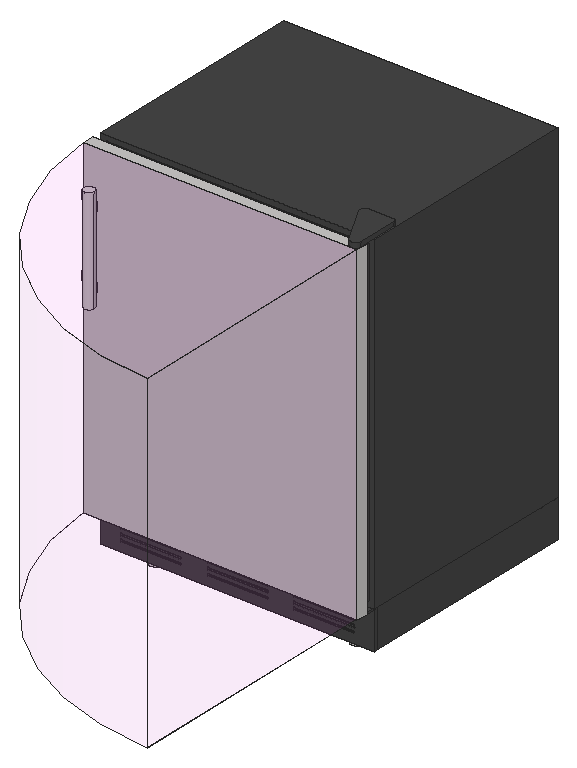
Revit family "QF_Summit_CT66BK2SSRS_Refrigerator-Freezer", category Specialty Equipment, Revit 2020
Family settings
  Round Connector Dimension = Use Diameter
  Part Type = Normal
  Work Plane-Based = No
  Always vertical = Yes
  Cut with Voids When Loaded = No
  Shared = No
  Room Calculation Point = No
Parameters
  Weight in Pounds = 100
  Watts = Volts * FL Amps  # 138 W
  Volts = 115 V
  URL Cutsheet = ""
  Specification by User = ""
  Specification by Manufacturer = ""
  Show LHD [instance] = no
  Show 34.5 Height [instance] = no
  Show 33.5 Height [instance] = yes
  Right Hinged Door [instance] = not(Show LHD)  # yes
  Serial Number = ""
  Seismic Rating = ""
  SMACNA No = ""
  Revision Code = ""
  Refrigerant Volume = 0.00 kip
  Refrigerant Type = "R600a"
  Phase = 1
  Number of Poles = 1
  NAFEM Spec ID Number = ""
  Model = "CT66BK2SSRS"
  Min Ckt Ampacity = 0 A
  Max Overcurrent Protection = 0 A
  Masterspec = ""
  Manufacturer = "Summit"
  Length = 23 5/8"
  Item Number = ""
  Installed By = ""
  Identify Quantity as Lot = yes
  Height [instance] = if([32.63 Height], 32 5/8", if(Show 33.5 Height, 33 1/2", if(Show 34.5 Height, 34 1/2", 32 5/8")))  # 33 1/2"
  HP = ""
  Furnished By = ""
  Foodservice Equipment Identifier = yes
  FL Amps = 1.2 A
  Electrical Remarks = ""
  Electric Connection Type = ""
  Elec Conn RI Height = 0"
  Elec Conn Connection Height = 0"
  Description = "Refrigerator-Freezer"
  Depth = 22 3/8"
  Default Elevation = 0"
  Cycle = 60 Hz
  Conn Plug = ""
  Conn Conduit = yes
  CSI MasterFormat = ""
  Base Height [instance] = if([32.63 Height], 3/8", if(Show 33.5 Height, 1 1/4", if(Show 34.5 Height, 2 1/4", 3/8")))  # 1 1/4"
  BTUH = 0.0 Btu/h
  Apparent Power = if(Phase = 3, Volts * FL Amps * 1.73, Volts * FL Amps)  # 138 VA
  32.63 Height [instance] = if(Show 33.5 Height, Show 34.5 Height, not(Show 34.5 Height))  # no
Reference planes (in)
  plane 1 "BACK": y = 0
  plane 2: z = 0
  plane 3 "LEFT": x = 0
  plane 4 "RIGHT": x = 23.625
  plane 5 "FRONT": y = -22.375
  plane 6 "TOP": z = 33.5
  plane 7 "Center Y": x = 11.8125
  plane 8 "Center X": y = -11.1875
  plane 9: z = 33.125
  plane 10: y = -24
  plane 11: y = -45
  plane 12: y = -0.75
  plane 13: y = -20.5
  plane 14 "Base Height": z = 1.25
  plane 15: x = 17.46169
  plane 16: z = 4.5
Forms (in)
  Extrusion 1, solid, material "QF_Metallic_Paint_Black_Smooth"
    sketch origin (0, 0, 4.5) x (1, 0, 0) y (0, 1, 0)
      loop
        line (0, -0.75) -> (0, -20.5) -> (23.625, -20.5) -> (23.625, -0.75) -> (0, -0.75)
    from 0 to 28.625
  Extrusion 2, solid, material "QF_Metal_Stainless_Polished"
    sketch origin (-4.07558, -180, 1.25) x (-1, 0, 0) y (0, -1, 0)
      loop
        line (-4.07558, -157.625) -> (-27.70058, -157.625) -> (-27.70058, -158.625) -> (-4.07558, -158.625) -> (-4.07558, -157.625)
    from 3.25 to 31.875
  Extrusion 3, solid, material "QF_Metallic_Paint_Black_Smooth"
    sketch origin (23.625, -20.5, 4.5) x (-1, 0, 0) y (0, 0, -1)
      loop
        line (0.5, -0.5) -> (0.5, -28.125) -> (23.125, -28.125) -> (23.125, -0.5) -> (0.5, -0.5)
    from 0 to 0.875
  Extrusion 4, solid, material "QF_Metallic_Paint_Black_Smooth", visible <- "Right Hinged Door"
    sketch origin (0, 0, 33.125) x (1, 0, 0) y (0, 1, 0)
      loop
        arc (23.49982, -18.2597) -> (23.42659, -18.08292) -> (23.24982, -18.0097) r 0.25
        line (23.24982, -18.0097) -> (21.13852, -18.0097)
        arc (21.13852, -18.0097) -> (20.78238, -18.21325) -> (20.77701, -18.62342) r 0.41333
        line (20.77701, -18.62342) -> (22.69374, -22.08129)
        arc (22.69374, -22.08129) -> (23.17748, -22.28912) -> (23.49982, -21.87283) r 0.42999
        line (23.49982, -21.87283) -> (23.49982, -18.2597)
    from 0 to 0.375
  Extrusion 5, solid, material "QF_Metal_Stainless_Polished", visible <- "Right Hinged Door"
    sketch origin (-4.07558, -180, 33.125) x (-1, 0, 0) y (0, -1, 0)
      loop
        line (-4.07558, -158.625) -> (-3.95058, -158.625) -> (-3.95058, -157.55854) -> (-5.1595, -156.74311) -> (-5.8175, -156.74311) -> (-5.8175, -156.86811) -> (-5.19771, -156.86811) -> (-4.07558, -157.625) -> (-4.07558, -158.625)
    from -3.625 to -4.375
  Extrusion 6, solid, material "QF_Metal_Stainless_Polished", visible <- "Right Hinged Door"
    sketch origin (-4.07558, -180, 33.125) x (-1, 0, 0) y (0, -1, 0)
      loop
        circle (-5.4885, -156.43406) r 0.43516
    from -2.625 to -11.625
  Extrusion 7, solid, material "QF_Metal_Stainless_Polished", visible <- "Right Hinged Door"
    sketch origin (-4.07558, -180, 28.75) x (0, -1, 0) y (-1, 0, 0)
      loop
        line (-158.625, -4.07558) -> (-157.625, -4.07558) -> (-156.86811, -5.19771) -> (-156.86811, -5.8175) -> (-156.74311, -5.8175) -> (-156.74311, -5.1595) -> (-157.55854, -3.95058) -> (-158.625, -3.95058) -> (-158.625, -4.07558)
    from 6.25 to 5.5
  Extrusion 8, solid, material "QF_Metallic_Paint_Black_Smooth", visible <- "Right Hinged Door"
    sketch origin (-4.07558, -180, 1.25) x (-1, 0, 0) y (0, -1, 0)
      loop
        line (-27.5754, -159.5) -> (-25.8928, -159.5) -> (-26.76933, -157.91871)
        arc (-26.76933, -157.91871) -> (-27.25307, -157.71088) -> (-27.5754, -158.12717) r 0.42999
        line (-27.5754, -158.12717) -> (-27.5754, -159.5)
    from 3.25 to 3.125
  Extrusion 9, solid, material "QF_Metallic_Paint_Black_Smooth"
    sketch origin (0, -22.375, 0) x (1, 0, 0) y (0, 0, 1)
      loop
        line (0, 1.25) -> (23.625, 1.25) -> (23.625, 4.5) -> (0, 4.5) -> (0, 1.25)
      loop
        line (1.70562, 3.75) -> (1.70562, 3.5) -> (6.95562, 3.5) -> (6.95562, 3.75) -> (1.70562, 3.75)
      loop
        line (1.70562, 3.25) -> (1.70562, 3) -> (6.95562, 3) -> (6.95562, 3.25) -> (1.70562, 3.25)
      loop
        line (1.70562, 2.75) -> (1.70562, 2.5) -> (6.95562, 2.5) -> (6.95562, 2.75) -> (1.70562, 2.75)
      loop
        line (1.70562, 2.25) -> (1.70562, 2) -> (6.95562, 2) -> (6.95562, 2.25) -> (1.70562, 2.25)
      loop
        line (9.1875, 3.75) -> (9.1875, 3.5) -> (14.4375, 3.5) -> (14.4375, 3.75) -> (9.1875, 3.75)
      loop
        line (9.1875, 3.25) -> (9.1875, 3) -> (14.4375, 3) -> (14.4375, 3.25) -> (9.1875, 3.25)
      loop
        line (9.1875, 2.75) -> (9.1875, 2.5) -> (14.4375, 2.5) -> (14.4375, 2.75) -> (9.1875, 2.75)
      loop
        line (9.1875, 2.25) -> (9.1875, 2) -> (14.4375, 2) -> (14.4375, 2.25) -> (9.1875, 2.25)
      loop
        line (21.91938, 3.75) -> (16.66938, 3.75) -> (16.66938, 3.5) -> (21.91938, 3.5) -> (21.91938, 3.75)
      loop
        line (21.91938, 3.25) -> (16.66938, 3.25) -> (16.66938, 3) -> (21.91938, 3) -> (21.91938, 3.25)
      loop
        line (21.91938, 2.75) -> (16.66938, 2.75) -> (16.66938, 2.5) -> (21.91938, 2.5) -> (21.91938, 2.75)
      loop
        line (21.91938, 2.25) -> (16.66938, 2.25) -> (16.66938, 2) -> (21.91938, 2) -> (21.91938, 2.25)
    from -1.875 to -2.125
  Extrusion 10, solid, material "QF_Metallic_Paint_Black_Smooth"
    sketch origin (0, 0, 0) x (1, 0, 0) y (0, 0, 1)
      loop
        line (0, 4.5) -> (0, 1.25) -> (23.625, 1.25) -> (23.625, 4.5) -> (0, 4.5)
    from 20.25 to 0.75
  Extrusion 11, solid, material "QF_Metal_Stainless_Polished"
    sketch origin (0, -0.75, 0) x (-1, 0, 0) y (0, 0, 1)
      loop
        circle (-17.46169, 2.22184) r 0.25
    from 0 to 0.25
  Extrusion 12, solid, material "QF_Metallic_Paint_Black_Smooth"
    sketch origin (-4.07558, -180, 1.25) x (-1, 0, 0) y (0, -1, 0)
      loop
        line (-13.38336, -180) -> (-13.38336, -179.25) -> (-18.39281, -179.25) -> (-18.39281, -180) -> (-13.38336, -180)
    from 21.5 to 15.5
  Extrusion 13, solid, material "QF_Clearances_Door_Drawer", visible <- "Right Hinged Door"
    sketch origin (-4.07558, -180, 1.25) x (-1, 0, 0) y (0, -1, 0)
      loop
        line (-27.70058, -157.625) -> (-4.07558, -157.625)
        arc (-4.07558, -157.625) -> (-11.50451, -141.73517) -> (-27.70058, -135) r 24.27307
        line (-27.70058, -135) -> (-27.70058, -157.625)
    from 3.25 to 31.875
  Extrusion 14, solid, material "QF_Clearances_Door_Drawer", visible <- "Show LHD"
    sketch origin (27.70058, -180, 1.25) x (1, 0, 0) y (0, 1, 0)
      loop
        line (-27.70058, 157.625) -> (-27.70058, 135)
        arc (-27.70058, 135) -> (-11.50451, 141.73517) -> (-4.07558, 157.625) r 24.27307
        line (-4.07558, 157.625) -> (-27.70058, 157.625)
    from 3.25 to 31.875
  Extrusion 15, solid, material "QF_Metallic_Paint_Black_Smooth", visible <- "Show LHD"
    sketch origin (23.625, 0, 33.125) x (-1, 0, 0) y (0, -1, 0)
      loop
        line (23.49982, 18.2597) -> (23.49982, 21.87283)
        arc (23.49982, 21.87283) -> (23.17748, 22.28912) -> (22.69374, 22.08129) r 0.42999
        line (22.69374, 22.08129) -> (20.77701, 18.62342)
        arc (20.77701, 18.62342) -> (20.78238, 18.21325) -> (21.13852, 18.0097) r 0.41333
        line (21.13852, 18.0097) -> (23.24982, 18.0097)
        arc (23.24982, 18.0097) -> (23.42659, 18.08292) -> (23.49982, 18.2597) r 0.25
    from 0 to 0.375
  Extrusion 16, solid, material "QF_Metallic_Paint_Black_Smooth", visible <- "Show LHD"
    sketch origin (27.70058, -180, 1.25) x (1, 0, 0) y (0, 1, 0)
      loop
        line (-27.5754, 159.5) -> (-27.5754, 158.12717)
        arc (-27.5754, 158.12717) -> (-27.25307, 157.71088) -> (-26.76933, 157.91871) r 0.42999
        line (-26.76933, 157.91871) -> (-25.8928, 159.5) -> (-27.5754, 159.5)
    from 3.25 to 3.125
  Extrusion 17, solid, material "QF_Metal_Stainless_Polished", visible <- "Show LHD"
    sketch origin (27.70058, -180, 33.125) x (1, 0, 0) y (0, 1, 0)
      loop
        line (-4.07558, 158.625) -> (-4.07558, 157.625) -> (-5.19771, 156.86811) -> (-5.8175, 156.86811) -> (-5.8175, 156.74311) -> (-5.1595, 156.74311) -> (-3.95058, 157.55854) -> (-3.95058, 158.625) -> (-4.07558, 158.625)
    from -3.625 to -4.375
  Extrusion 18, solid, material "QF_Metal_Stainless_Polished", visible <- "Show LHD"
    sketch origin (27.70058, -180, 33.125) x (1, 0, 0) y (0, 1, 0)
      loop
        circle (-5.4885, 156.43406) r 0.43516
    from -2.625 to -11.625
  Extrusion 19, solid, material "QF_Metal_Stainless_Polished", visible <- "Show LHD"
    sketch origin (27.70058, -180, 28.75) x (0, 1, 0) y (1, 0, 0)
      loop
        line (158.625, -4.07558) -> (158.625, -3.95058) -> (157.55854, -3.95058) -> (156.74311, -5.1595) -> (156.74311, -5.8175) -> (156.86811, -5.8175) -> (156.86811, -5.19771) -> (157.625, -4.07558) -> (158.625, -4.07558)
    from 6.25 to 5.5
  Revolve 20, solid, material "QF_Metal_Stainless_Polished", visible <- "32.63 Height"
    sketch origin (0, -18.5, 0) x (1, 0, 0) y (0, 0, 1)
      loop
        line (3.1104, 0) -> (3.1104, 1.25) -> (2.8604, 1.25) -> (2.8604, 1.125) -> (2.6104, 1.125) -> (2.6104, 0) -> (3.1104, 0)
      axis (3.1104, 1.25) -> (3.1104, 0)
    angle from 0 to 360
  Revolve 21, solid, material "QF_Metal_Stainless_Polished", visible <- "32.63 Height"
    sketch origin (17.4042, -18.5, 0) x (1, 0, 0) y (0, 0, 1)
      loop
        line (3.1104, 0) -> (3.1104, 1.25) -> (2.8604, 1.25) -> (2.8604, 1.125) -> (2.6104, 1.125) -> (2.6104, 0) -> (3.1104, 0)
      axis (3.1104, 1.25) -> (3.1104, 0)
    angle from 0 to 360
  Revolve 22, solid, material "QF_Metal_Stainless_Polished", visible <- "32.63 Height"
    sketch origin (0, -2.75, 0) x (1, 0, 0) y (0, 0, 1)
      loop
        line (3.1104, 0) -> (3.1104, 1.25) -> (2.8604, 1.25) -> (2.8604, 1.125) -> (2.6104, 1.125) -> (2.6104, 0) -> (3.1104, 0)
      axis (3.1104, 1.25) -> (3.1104, 0)
    angle from 0 to 360
  Revolve 23, solid, material "QF_Metal_Stainless_Polished", visible <- "32.63 Height"
    sketch origin (17.4042, -2.75, 0) x (1, 0, 0) y (0, 0, 1)
      loop
        line (3.1104, 0) -> (3.1104, 1.25) -> (2.8604, 1.25) -> (2.8604, 1.125) -> (2.6104, 1.125) -> (2.6104, 0) -> (3.1104, 0)
      axis (3.1104, 1.25) -> (3.1104, 0)
    angle from 0 to 360
Lines and regions (in)
  symbolic lines
    curve 1: line (0, -0.75, 0) -> (23.625, -0.75, 0)
    curve 2: line (0, -20.5, 0) -> (0, -0.75, 0)
    curve 3: line (23.625, -20.5, 0) -> (23.49982, -20.5, 0)
    curve 4: line (23.625, -0.75, 0) -> (23.625, -20.5, 0)
    curve 5: line (21.81722, -20.5, 0) -> (1.80778, -20.5, 0)
    curve 12: line (23.625, -22.375, 0) -> (0, -22.375, 0)
    curve 13: line (0, -21.375, 0) -> (0, -22.375, 0)
    curve 14: line (23.625, -21.375, 0) -> (23.49982, -21.375, 0)
    curve 15: line (23.625, -22.375, 0) -> (23.625, -21.375, 0)
    curve 16: line (22.30224, -21.375, 0) -> (1.32276, -21.375, 0)
    curve 28: line (9.30778, -0.75, 0) -> (9.30778, 0, 0)
    curve 29: line (9.30778, 0, 0) -> (14.31722, 0, 0)
    curve 30: line (14.31722, 0, 0) -> (14.31722, -0.75, 0)
    curve 51: line (0.12518, -20.5, 0) -> (0, -20.5, 0)
    curve 53: line (0.12518, -21.375, 0) -> (0, -21.375, 0)
  symbolic lines, visible <- "Right Hinged Door"
    curve 6: line (23.49982, -21.87283, 0) -> (23.49982, -18.2597, 0)
    curve 7: arc (23.49982, -18.2597, 0) -> (23.42659, -18.08292, 0) -> (23.24982, -18.0097, 0) r 0.25
    curve 8: line (23.24982, -18.0097, 0) -> (21.13852, -18.0097, 0)
    curve 9: arc (21.13852, -18.0097, 0) -> (20.78238, -18.21325, 0) -> (20.77701, -18.62342, 0) r 0.41333
    curve 10: line (20.77701, -18.62342, 0) -> (22.69374, -22.08129, 0)
    curve 11: arc (22.69374, -22.08129, 0) -> (23.17748, -22.28912, 0) -> (23.49982, -21.87283, 0) r 0.42999
    curve 17: line (-0.125, -21.375, 0) -> (-0.125, -22.44146, 0)
    curve 18: line (-0.125, -22.44146, 0) -> (1.08391, -23.25689, 0)
    curve 19: arc (0.97776, -23.56594, 0) -> (1.41291, -24.0011, 0) -> (1.84807, -23.56594, 0) r 0.43516
    curve 20: line (1.74192, -23.13189, 0) -> (1.12213, -23.13189, 0)
    curve 21: line (1.12213, -23.13189, 0) -> (0, -22.375, 0)
    curve 22: line (1.74192, -23.25689, 0) -> (1.74192, -23.13189, 0)
    curve 23: arc (1.84807, -23.56594, 0) -> (1.73137, -23.26938, 0) -> (1.44385, -23.13189, 0) r 0.43516
    curve 24: line (1.08391, -23.25689, 0) -> (1.10657, -23.25689, 0)
    curve 25: line (1.71926, -23.25689, 0) -> (1.74192, -23.25689, 0)
    curve 26: arc (1.38198, -23.13189, 0) -> (1.09446, -23.26938, 0) -> (0.97776, -23.56594, 0) r 0.43516
    curve 27: line (0.5, -21.375, 0) -> (0.5, -20.5, 0)
    curve 33: line (0, -21.375, 0) -> (-0.125, -21.375, 0)
    curve 52: line (1.80778, -20.5, 0) -> (0.12518, -20.5, 0)
    curve 54: line (1.32276, -21.375, 0) -> (0.12518, -21.375, 0)
  symbolic lines, style "QF_Clearances_Door_Drawer", visible <- "Right Hinged Door"
    curve 31: line (23.625, -22.375, 0) -> (3.7814, -33.83171, 0)
    curve 32: arc (3.7814, -33.83171, 0) -> (1.19256, -28.41738, 0) -> (0.01125, -22.53337, 0) r 24.27307
  symbolic lines, visible <- "Show LHD"
    curve 34: line (0.12518, -21.87283, 0) -> (0.12518, -18.2597, 0)
    curve 35: arc (0.12518, -18.2597, 0) -> (0.19841, -18.08292, 0) -> (0.37518, -18.0097, 0) r 0.25
    curve 36: line (0.37518, -18.0097, 0) -> (2.48648, -18.0097, 0)
    curve 37: arc (2.48648, -18.0097, 0) -> (2.84262, -18.21325, 0) -> (2.84799, -18.62342, 0) r 0.41333
    curve 38: line (2.84799, -18.62342, 0) -> (0.93126, -22.08129, 0)
    curve 39: arc (0.93126, -22.08129, 0) -> (0.44752, -22.28912, 0) -> (0.12518, -21.87283, 0) r 0.42999
    curve 40: line (23.75, -21.375, 0) -> (23.75, -22.44146, 0)
    curve 41: line (23.75, -22.44146, 0) -> (22.52744, -23.26609, 0)
    curve 42: arc (22.64724, -23.56594, 0) -> (22.21209, -24.0011, 0) -> (21.77693, -23.56594, 0) r 0.43516
    curve 43: line (21.88308, -23.13189, 0) -> (22.50287, -23.13189, 0)
    curve 44: line (22.50287, -23.13189, 0) -> (23.625, -22.375, 0)
    curve 45: line (21.88308, -23.28113, 0) -> (21.88308, -23.13189, 0)
    curve 46: arc (21.77693, -23.56594, 0) -> (21.89363, -23.26938, 0) -> (22.18115, -23.13189, 0) r 0.43516
    curve 47: arc (22.24302, -23.13189, 0) -> (22.53054, -23.26938, 0) -> (22.64724, -23.56594, 0) r 0.43516
    curve 50: line (23.625, -21.375, 0) -> (23.75, -21.375, 0)
    curve 55: line (23.125, -21.375, 0) -> (23.125, -20.5, 0)
    curve 56: line (21.81722, -20.5, 0) -> (23.49982, -20.5, 0)
    curve 57: line (22.30224, -21.375, 0) -> (23.49982, -21.375, 0)
  symbolic lines, style "QF_Clearances_Door_Drawer", visible <- "Show LHD"
    curve 48: line (0, -22.375, 0) -> (19.8436, -33.83171, 0)
    curve 49: arc (19.8436, -33.83171, 0) -> (22.43244, -28.41738, 0) -> (23.61375, -22.53337, 0) r 24.27307
Dimensions and locks (in)
  equal spacing: plane 3 "LEFT", plane 7 "Center Y", plane 4 "RIGHT"
  "Length": plane 3 "LEFT" to plane 4 "RIGHT"
  equal spacing: plane 5 "FRONT", plane 8 "Center X", plane 1 "BACK"
  "Depth": plane 5 "FRONT" to plane 1 "BACK"
  "Height": plane 6 "TOP" to level
  plane 6 "TOP" to plane 9 = 3/8"
  plane 10 to plane 5 "FRONT" = 1 5/8"
  plane 1 "BACK" to plane 12 = 3/4"
  plane 12 to plane 13 = 19 3/4"
  plane 13 to plane 11 = 24 1/2"
  plane 12 to plane 11 = 44 1/4"
  plane 9 to plane 14 "Base Height" = 31 7/8"
  "Base Height": plane 14 "Base Height" to level
  locked: plane 16 to plane 14 "Base Height" at 3.25
  aligned and locked: level to plane 2
Automatic sketch dimensions
  curve 19 to curve 23 = 0"  (x2)
  curve 19 to curve 26 = 0"  (x2)
  curve 23 to curve 26 = 0"  (x2)
  curve 42 to curve 46 = 0"  (x2)
  curve 42 to curve 47 = 0"  (x2)
  curve 46 to curve 47 = 0"  (x2)
  curve 2 to plane 3 "LEFT" = 0"
  curve 13 to plane 3 "LEFT" = 0"
  curve 52 to plane 13 = 0"
  curve 51 to plane 13 = 0"
  curve 5 to plane 13 = 0"
  plane 1 "BACK" to curve 28 = 0"
  curve 28 to plane 12 = 0"
  curve 56 to plane 13 = 0"
  curve 3 to plane 13 = 0"
  curve 50 to plane 4 "RIGHT" = 0"
  curve 4 to plane 4 "RIGHT" = 0"
  plane 5 "FRONT" to curve 21 = 0"
  curve 18 to plane 3 "LEFT" = 1/8"
  curve 49 to plane 13 = 0.23417"
  curve 49 to plane 3 "LEFT" = 0.59255"
  plane 3 "LEFT" to curve 34 = 0.12518"
  curve 34 to curve 36 = 1/4"
  curve 34 to curve 39 = 0.42999"
  curve 38 to plane 5 "FRONT" = 0.29371"
  curve 39 to curve 38 = 0.37608"
  plane 10 to curve 18 = 0.74311"
  plane 3 "LEFT" to curve 18 = 1.08391"
  curve 18 to curve 21 = 0.03822"
  curve 39 to curve 16 = 0.3915"
  curve 18 to curve 19 = 0.329"
  curve 19 to curve 25 = 0.329"
  curve 16 to curve 5 = 0.48502"
  curve 36 to curve 36 = 2.1113"
  plane 13 to curve 38 = 1.87658"
  plane 3 "LEFT" to curve 31 = 3.7814"
  curve 28 to plane 7 "Center Y" = 2.50472"
  plane 7 "Center Y" to curve 30 = 2.50472"
  curve 48 to plane 15 = 2.38191"
  plane 4 "RIGHT" to curve 10 = 2.84799"
  curve 9 to curve 8 = 0.36151"
  plane 5 "FRONT" to curve 45 = 0.75689"
  plane 4 "RIGHT" to curve 45 = 1.74192"
  curve 45 to curve 47 = 0.329"
  curve 42 to curve 43 = 0.29079"
  plane 10 to curve 41 = 0.73391"
  curve 43 to curve 41 = 0.02457"
  curve 10 to plane 5 "FRONT" = 0.29371"
  plane 4 "RIGHT" to curve 10 = 0.93126"
  curve 10 to curve 11 = 0.37608"
  plane 4 "RIGHT" to curve 8 = 0.37518"
  plane 4 "RIGHT" to curve 6 = 0.12518"
  curve 41 to plane 4 "RIGHT" = 1/8"
  curve 32 to plane 13 = 0.23417"
  curve 32 to plane 4 "RIGHT" = 0.59255"
  curve 45 to curve 43 = 0.14924"
  plane 10 to curve 23 = 0.43406"
  curve 31 to plane 10 = 9.83171"
  curve 48 to plane 10 = 9.83171"
  curve 19 to curve 22 = 0.30906"
  curve 22 to curve 22 = 1/8"
  plane 5 "FRONT" to curve 17 = 0.06646"
  plane 5 "FRONT" to curve 41 = 0.06646"
  curve 11 to curve 15 = 0.49783"
  curve 39 to curve 17 = 0.49783"
  plane 13 to curve 10 = 1.87658"
  curve 37 to curve 37 = 0.20039"
  curve 9 to curve 9 = 0.20039"
  curve 53 to curve 27 = 0.37482"
  curve 19 to curve 18 = 0.10616"
  curve 54 to curve 16 = 0"
  curve 57 to curve 16 = 0"
  curve 55 to curve 14 = 0.37482"
  Extrusion 1 sketch curve to Extrusion 10 = 0"  (x3)
  Extrusion 1 sketch curve to Extrusion 10 = 1/4"
  Extrusion 2 sketch curve to plane 4 "RIGHT" = 0"
  Extrusion 2 sketch curve to plane 3 "LEFT" = 0"
  plane 5 "FRONT" to Extrusion 2 sketch curve = 0"
  Extrusion 2 sketch curve to plane 13 = 7/8"
  Extrusion 3 sketch curve to Extrusion 1 = 1/2"
  Extrusion 1 to Extrusion 3 sketch curve = 1/2"  (x3)
  Extrusion 4 sketch curve to Extrusion 1 = 1.87658"
  Extrusion 4 sketch curve to Extrusion 1 = 2.84799"
  Extrusion 4 sketch curve to Extrusion 4 sketch curve = 0.36151"
  Extrusion 4 sketch curve to Extrusion 1 = 0.93126"
  Extrusion 4 sketch curve to Extrusion 4 sketch curve = 0.37608"
  Extrusion 4 sketch curve to Extrusion 1 = 0.37518"
  Extrusion 4 sketch curve to Extrusion 1 = 0.12518"
  Extrusion 1 to Extrusion 4 sketch curve = 1.37283"
  Extrusion 4 sketch curve to Extrusion 4 sketch curve = 0.20039"
  Extrusion 5 sketch curve to Extrusion 2 = 0"  (x3)
  Extrusion 5 sketch curve to Extrusion 2 = 1.08391"
  Extrusion 5 sketch curve to Extrusion 5 sketch curve = 0.03822"
  Extrusion 5 sketch curve to Extrusion 5 sketch curve = 0.61979"
  Extrusion 2 to Extrusion 5 sketch curve = 1/8"
  Extrusion 2 to Extrusion 5 sketch curve = 0.06646"
  Extrusion 2 to Extrusion 5 sketch curve = 0.75689"
  Extrusion 5 sketch curve to Extrusion 5 sketch curve = 1/8"
  Extrusion 6 sketch curve to Extrusion 2 = 1.41291"
  Extrusion 2 to Extrusion 6 sketch curve = 1.19094"
  Extrusion 5 to Extrusion 7 sketch curve = 0"  (x2)
  Extrusion 7 sketch curve to Extrusion 5 = 0"  (x8)
  Extrusion 8 sketch curve to plane 13 = 0"
  plane 4 "RIGHT" to Extrusion 8 sketch curve = 0.12518"
  Extrusion 8 sketch curve to Extrusion 8 sketch curve = 0.42999"
  Extrusion 8 sketch curve to plane 5 "FRONT" = 0.29371"
  Extrusion 8 sketch curve to Extrusion 8 sketch curve = 0.37608"
  Extrusion 8 sketch curve to Extrusion 8 sketch curve = 1.6826"
  Extrusion 9 sketch curve to plane 3 "LEFT" = 0"
  plane 4 "RIGHT" to Extrusion 9 sketch curve = 0"
  Extrusion 9 sketch curve to plane 14 "Base Height" = 0"
  Extrusion 9 sketch curve to plane 16 = 0"
  Extrusion 9 sketch curve to plane 16 = 3/4"  (x2)
  plane 3 "LEFT" to Extrusion 9 sketch curve = 1.70562"
  Extrusion 9 sketch curve to Extrusion 9 sketch curve = 0"  (x17)
  Extrusion 9 sketch curve to plane 16 = 1 1/4"
  Extrusion 9 sketch curve to plane 7 "Center Y" = 4.85688"
  Extrusion 9 sketch curve to Extrusion 9 sketch curve = 2.23188"
  plane 7 "Center Y" to Extrusion 9 sketch curve = 2 5/8"
  plane 15 to Extrusion 9 sketch curve = 0.79231"  (x2)
  plane 4 "RIGHT" to Extrusion 9 sketch curve = 1.70562"
  plane 14 "Base Height" to Extrusion 9 sketch curve = 3/4"  (x3)
  Extrusion 9 sketch curve to Extrusion 9 sketch curve = 1/4"  (x18)
  Extrusion 10 sketch curve to plane 3 "LEFT" = 0"
  plane 4 "RIGHT" to Extrusion 10 sketch curve = 0"
  Extrusion 10 sketch curve to plane 14 "Base Height" = 0"
  Extrusion 10 sketch curve to plane 16 = 0"
  Extrusion 11 sketch curve to Extrusion 10 = 0.97184"
  Extrusion 11 sketch curve to Extrusion 10 = 6.16331"
  plane 1 "BACK" to Extrusion 12 sketch curve = 0"
  Extrusion 12 sketch curve to plane 12 = 0"
  plane 7 "Center Y" to Extrusion 12 sketch curve = 2.50472"
  Extrusion 12 sketch curve to plane 7 "Center Y" = 2.50472"
  Extrusion 13 sketch curve to plane 4 "RIGHT" = 0"
  Extrusion 13 sketch curve to plane 3 "LEFT" = 0"
  plane 5 "FRONT" to Extrusion 13 sketch curve = 0"
  Extrusion 13 sketch curve to plane 11 = 0"
  Extrusion 13 sketch curve to plane 13 = 0.23417"
  Extrusion 14 sketch curve to plane 3 "LEFT" = 0"
  Extrusion 14 sketch curve to plane 4 "RIGHT" = 0"
  Extrusion 14 sketch curve to plane 11 = 0"
  plane 5 "FRONT" to Extrusion 14 sketch curve = 0"
  Extrusion 14 sketch curve to plane 13 = 0.23417"
  Extrusion 15 sketch curve to Extrusion 1 = 1.87658"
  Extrusion 15 sketch curve to Extrusion 1 = 2.84799"
  Extrusion 15 sketch curve to Extrusion 15 sketch curve = 0.36151"
  Extrusion 15 sketch curve to Extrusion 1 = 0.93126"
  Extrusion 15 sketch curve to Extrusion 15 sketch curve = 0.37608"
  Extrusion 15 sketch curve to Extrusion 1 = 0.37518"
  Extrusion 15 sketch curve to Extrusion 1 = 0.12518"
  Extrusion 15 sketch curve to Extrusion 15 sketch curve = 0.20039"
  Extrusion 1 to Extrusion 15 sketch curve = 1.37283"
  Extrusion 16 sketch curve to plane 13 = 0"
  plane 3 "LEFT" to Extrusion 16 sketch curve = 0.12518"
  Extrusion 16 sketch curve to Extrusion 16 sketch curve = 0.42999"
  Extrusion 16 sketch curve to plane 5 "FRONT" = 0.29371"
  Extrusion 16 sketch curve to Extrusion 16 sketch curve = 0.37608"
  Extrusion 16 sketch curve to Extrusion 16 sketch curve = 1.6826"
  Extrusion 17 sketch curve to Extrusion 2 = 0"
  Extrusion 2 to Extrusion 17 sketch curve = 0"  (x2)
  Extrusion 17 sketch curve to Extrusion 2 = 1.08391"
  Extrusion 17 sketch curve to Extrusion 17 sketch curve = 0.03822"
  Extrusion 17 sketch curve to Extrusion 17 sketch curve = 0.61979"
  Extrusion 2 to Extrusion 17 sketch curve = 1/8"
  Extrusion 2 to Extrusion 17 sketch curve = 0.06646"
  Extrusion 2 to Extrusion 17 sketch curve = 0.75689"
  Extrusion 17 sketch curve to Extrusion 17 sketch curve = 1/8"
  Extrusion 18 sketch curve to Extrusion 2 = 1.41291"
  Extrusion 2 to Extrusion 18 sketch curve = 1.19094"
  Extrusion 19 sketch curve to Extrusion 17 = 0"  (x8)
  Extrusion 17 to Extrusion 19 sketch curve = 0"  (x2)
  Revolve 20 sketch curve to level = 0"  (x2)
  Revolve 20 sketch curve to plane 14 "Base Height" = 0"
  Revolve 20 sketch curve to plane 14 "Base Height" = 1/8"
  plane 3 "LEFT" to Revolve 20 sketch curve = 2.6104"
  Revolve 20 sketch curve to Revolve 20 sketch curve = 1/4"  (x3)
  Revolve 20 sketch curve to Revolve 20 sketch curve = 0"
  Revolve 21 sketch curve to level = 0"  (x2)
  Revolve 21 sketch curve to plane 14 "Base Height" = 0"
  Revolve 21 sketch curve to plane 14 "Base Height" = 1/8"
  Revolve 21 sketch curve to plane 15 = 2.55291"
  Revolve 21 sketch curve to Revolve 21 sketch curve = 1/4"  (x3)
  Revolve 21 sketch curve to Revolve 21 sketch curve = 0"
  Revolve 22 sketch curve to level = 0"  (x2)
  Revolve 22 sketch curve to plane 14 "Base Height" = 0"
  Revolve 22 sketch curve to plane 14 "Base Height" = 1/8"
  plane 3 "LEFT" to Revolve 22 sketch curve = 2.6104"
  Revolve 22 sketch curve to Revolve 22 sketch curve = 1/4"  (x3)
  Revolve 22 sketch curve to Revolve 22 sketch curve = 0"
  Revolve 23 sketch curve to level = 0"  (x2)
  Revolve 23 sketch curve to plane 14 "Base Height" = 0"
  Revolve 23 sketch curve to plane 14 "Base Height" = 1/8"
  Revolve 23 sketch curve to plane 15 = 2.55291"
  Revolve 23 sketch curve to Revolve 23 sketch curve = 1/4"  (x3)
  Revolve 23 sketch curve to Revolve 23 sketch curve = 0"
  radius of Extrusion 6 sketch curve = 0.43516"
  radius of Extrusion 11 sketch curve = 1/4"
  radius of Extrusion 18 sketch curve = 0.43516"
Nested families (in)
  nested 1: "Summit_Legs" at (20.5146, -18.5, 0), 2.25 inch <- "Show 34.5 Height", 1.25 inch <- "Show 33.5 Height", type "Summit_Legs"
    with 2.25 inch no, 1.25 inch yes
  nested 2: "Summit_Legs" at (20.5146, -2.75, 0), 2.25 inch <- "Show 34.5 Height", 1.25 inch <- "Show 33.5 Height", type "Summit_Legs"
    with 2.25 inch no, 1.25 inch yes
  nested 3: "Summit_Legs" at (3.1104, -18.5, 0), 2.25 inch <- "Show 34.5 Height", 1.25 inch <- "Show 33.5 Height", type "Summit_Legs"
    with 2.25 inch no, 1.25 inch yes
  nested 4: "Summit_Legs" at (3.1104, -2.75, 0), 2.25 inch <- "Show 34.5 Height", 1.25 inch <- "Show 33.5 Height", type "Summit_Legs"
    with 2.25 inch no, 1.25 inch yes
Connectors (in)
  electrical at (17.46169, -0.5, 2.22184), driven by "Volts", driven by "Watts"
    settings: on Extrusion 11, index 3, voltage 115 V, apparent load 138 VA, apparent load phase1 0 VA, apparent load phase2 0 VA, apparent load phase3 0 VA, power factor 1, load classification "Other", number of poles 1, system type 30, power factor state 1, is connector primary yes, connector utility no, sub classification motor no, connector description ""
Definition of nested family "Summit_Legs"
  Parameters (values of type "Summit_Legs")
    Default Elevation = 0"
    2.25 inch [instance] = no
    1.25 inch [instance] = yes
  Reference planes (in)
    plane 1 "Center (Front/Back)": y = 0
    plane 2: z = 0
    plane 3 "Center (Left/Right)": x = 0
    plane 4: z = 1.25
  Forms (in)
    Revolve 1, solid, visible <- "2.25 inch"
      sketch origin (-3.1104, 0, 0) x (1, 0, 0) y (0, 0, 1)
        loop
          line (3.1104, 0) -> (3.1104, 2.25) -> (2.95576, 2.25) -> (2.95576, 0.75) -> (2.83076, 0.75) -> (2.83076, 0.5) -> (2.6104, 0.5) -> (2.6104, 0) -> (3.1104, 0)
        axis (3.1104, 2.25) -> (3.1104, 0)
      angle from 0 to 360
    Revolve 2, solid, visible <- "1.25 inch"
      sketch origin (0, 0, 0) x (1, 0, 0) y (0, 0, 1)
        loop
          line (0, 0) -> (0, 1.25) -> (-0.15464, 1.25) -> (-0.15464, 0.75) -> (-0.27964, 0.75) -> (-0.27964, 0.5) -> (-0.5, 0.5) -> (-0.5, 0) -> (0, 0)
        axis (0, 1.25) -> (0, 0)
      angle from 0 to 360
  Dimensions and locks (in)
    plane 4 to level = 1 1/4"
    aligned and locked: level to plane 2
